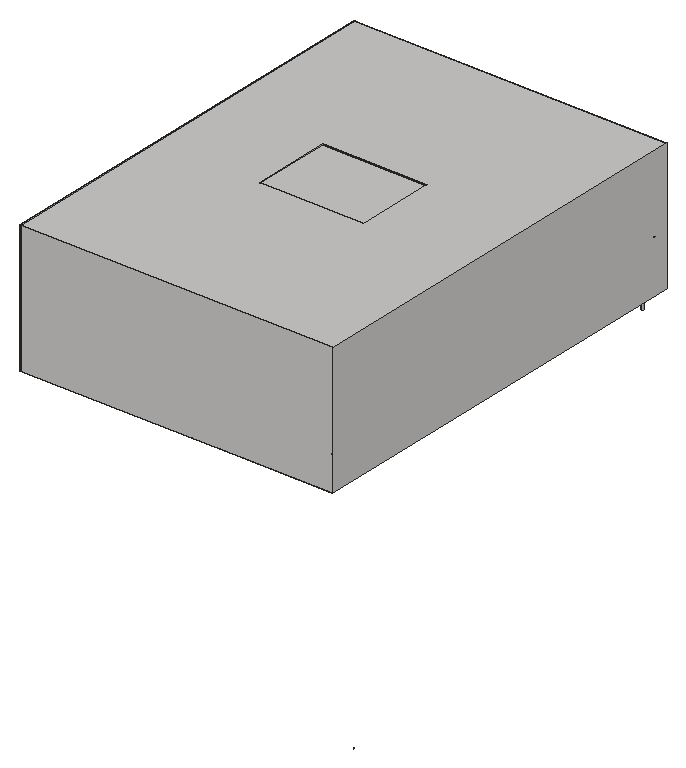
Revit family "QF_ELECTROLUXPROFESSIONAL_640278_VAP1612", category Attrezzature speciali, Revit 2021
Family settings
  Quota connettore circolare = Usa diametro
  Tipo di parte = Normale
  Basato su piano di lavoro = No
  Sempre verticale = Sì
  Taglio con vuoti quando caricato = No
  Condiviso = No
  Punto di calcolo locali = No
Parameters (values of type "Standard")
  Weight = 60.00 kg
  Watts = 0 W
  Volts = 0 V
  URL Manufacturer = "https://www.electroluxprofessional.com/"
  URL = "https://www.electroluxprofessional.com/"
  Steam Supply Size = 0 mm
  Steam Supply Minimum Pressure = 0.0 Pa
  Steam Supply Maximum Pressure = 0.0 Pa
  Steam Consumption per Hour = 0
  Refrigeration Suction Line Size = 0 mm
  Refrigeration Liquid Line Size = 0 mm
  Refrigerant Compressor Remote = yes
  Prospetto di default = 0 mm
  Produttore = "Electrolux Professional"
  Phase = 0
  Modello = "VAP1612"
  Length Actual = 1200 mm  # constant formula
  Item Number = "640278"
  Hot Water Size = 0 mm
  Height Actual = 500 mm  # constant formula
  HP = "0 HP"
  Gas Size = 0 mm
  Gas KW = 0
  Gas Input Pressure = 0 W
  Direct Waste Size = 0 mm
  Descrizione = "304 S/S WALL HOOD+DOUBLE FILTERS 120X160 CM"
  Depth Actual = 1600 mm  # constant formula
  Cycle = 0 Hz
  Condensate Return Size = 0 mm
  Compressed Air Volume = 0.0 L/s
  Compressed Air Size = 0 mm
  Compressed Air Pressure = 0.0 Pa
  Cold Water Size = 0 mm
  Accessory = yes
Reference planes
  plane 1: z = 0
  plane 2 "Center (Left/Right)": x = 150
  plane 3 "LEFT": x = -450
  plane 4 "RIGHT": x = 750
  plane 5 "BACK": y = 550
  plane 6 "TOP": z = 2500
  plane 7 "Base": z = 2000
  plane 8: z = 1970
  plane 9 "DrainY": y = 450
  plane 10: x = -447
  plane 11 "DrainX": x = 737
  plane 12 "AOLeft2": x = 350
  plane 13: x = 747
  plane 14: x = -250
  plane 15: x = 550
  plane 16: x = 50
  plane 17: x = 250
  plane 18 "Center (Front/Back)": y = -250
  plane 19 "Front": y = -1050
  plane 20 "AOLeft1": x = -50
  plane 21: through (0, 550, 2133.855) normal (0, 0.5299, 0.848)
  plane 22: through (0, -1050, 2133.855) normal (0, 0.5299, -0.848)
  plane 23: y = -100
  plane 24: y = -400
Forms (mm)
  Extrusion 1, solid, material "QF_Finishes_Stainless Steel"
    sketch origin (-450, 0, 360) x (0, 1, 0) y (0, 0, 1)
      loop
        line (550, 1640) -> (550, 2140) -> (-1050, 2140) -> (-1050, 1640) -> (550, 1640)
    from 0 to 3
  Extrusion 2, solid, material "QF_Finishes_Stainless Steel"
    sketch origin (750, 0, 360) x (0, 1, 0) y (0, 0, 1)
      loop
        line (550, 1640) -> (550, 2140) -> (-1050, 2140) -> (-1050, 1640) -> (550, 1640)
    from 0 to -3
  Extrusion 3, solid, material "QF_Finishes_Stainless Steel"
    sketch origin (150, 0, 360) x (0, 1, 0) y (0, 0, 1)
      loop
        line (-1050, 2140) -> (-1050, 1640) -> (-1040, 1640) -> (-1040, 1640.8) -> (-1049.2, 1640.8) -> (-1049.2, 2139.19) -> (549.2, 2139.19) -> (549.2, 1640.8) -> (540, 1640.8) -> (540, 1640) -> (550, 1640) -> (550, 2140) -> (-1050, 2140)
    from -600 to 600
  Extrusion 4, solid, material "QF_Finishes_Stainless Steel"
    sketch origin (0, 0, 2000) x (0, 1, 0) y (-1, 0, 0)
      loop
        circle (450, -737) r 4.763
    from -30 to 0
  Extrusion 5, void
    sketch origin (0, 400, 2500) x (0, 1, 0) y (-1, 0, 0)
      loop
        line (-500, -350) -> (-500, 50) -> (-800, 50) -> (-800, -350) -> (-500, -350)
    from 0 to -10
  Extrusion 6, solid, material "QF_Finishes_Stainless Steel"
    sketch origin (0, 0, 0) x (1, 0, 0) y (0, 1, 0)
      loop
        line (-450, 550) -> (-450, 549) -> (-449, 549) -> (-449, 550) -> (-450, 550)
    from 0 to 1
  Extrusion 7, solid, material "QF_Finishes_Stainless Steel"
    sketch origin (150, 0, 360) x (0, 1, 0) y (0, 0, 1)
      loop
        line (503.5, 1837.574) -> (207.375, 2022.621) -> (192.198, 1998.364) -> (488.366, 1813.348) -> (503.5, 1837.574)
      loop
        line (-1003.5, 1837.574) -> (-988.366, 1813.348) -> (-692.198, 1998.364) -> (-707.375, 2022.621) -> (-1003.5, 1837.574)
    from -400 to -597
  Extrusion 8, solid, material "QF_Finishes_Stainless Steel"
    sketch origin (150, 0, 360) x (0, 1, 0) y (0, 0, 1)
      loop
        line (549.2, 1775.312) -> (472.742, 1823.075) -> (472.313, 1822.387) -> (549.2, 1774.355) -> (549.2, 1775.312)
      loop
        line (202.48, 1991.938) -> (126.212, 2039.602) -> (-626.212, 2039.602) -> (-702.48, 1991.938) -> (-702.062, 1991.27) -> (-626, 2038.801) -> (126, 2038.801) -> (202.063, 1991.27) -> (202.48, 1991.938)
      loop
        line (-1049.2, 1775.312) -> (-1049.2, 1774.355) -> (-972.312, 1822.387) -> (-972.742, 1823.075) -> (-1049.2, 1775.312)
    from -597 to 597
  Extrusion 9, solid, material "QF_Finishes_Stainless Steel"
    sketch origin (150, 0, 360) x (0, 1, 0) y (0, 0, 1)
      loop
        line (-707.375, 2022.621) -> (-1003.5, 1837.574) -> (-988.366, 1813.348) -> (-692.198, 1998.364) -> (-707.375, 2022.621)
      loop
        line (503.5, 1837.574) -> (207.375, 2022.621) -> (192.198, 1998.364) -> (488.366, 1813.348) -> (503.5, 1837.574)
    from 597 to 400
  Extrusion 10, solid, material "QF_Finishes_Stainless Steel"
    sketch origin (150, 0, 360) x (0, 1, 0) y (0, 0, 1)
      loop
        line (-707.375, 2022.621) -> (-1003.5, 1837.574) -> (-988.366, 1813.348) -> (-692.198, 1998.364) -> (-707.375, 2022.621)
      loop
        line (503.5, 1837.574) -> (207.375, 2022.621) -> (192.198, 1998.364) -> (488.366, 1813.348) -> (503.5, 1837.574)
    from -100 to 100
  Extrusion 11, solid, material "QF_Finished_Chrome"
    sketch origin (150, 0, 360) x (0, 1, 0) y (0, 0, 1)
      loop
        line (503.5, 1837.574) -> (207.375, 2022.621) -> (192.198, 1998.364) -> (488.366, 1813.348) -> (503.5, 1837.574)
      loop
        line (-707.375, 2022.621) -> (-1003.5, 1837.574) -> (-988.366, 1813.348) -> (-692.198, 1998.364) -> (-707.375, 2022.621)
    from -400 to -100
  Extrusion 12, solid, material "QF_Finished_Chrome"
    sketch origin (150, 0, 360) x (0, 1, 0) y (0, 0, 1)
      loop
        line (-707.375, 2022.621) -> (-1003.5, 1837.574) -> (-988.366, 1813.348) -> (-692.198, 1998.364) -> (-707.375, 2022.621)
      loop
        line (503.5, 1837.574) -> (207.375, 2022.621) -> (192.198, 1998.364) -> (488.366, 1813.348) -> (503.5, 1837.574)
    from 100 to 400
  Sweep 13, solid, material "QF_Finishes_Stainless Steel"
    path origin (0, 0, 0) x (1, 0, 0) y (0, 1, 0)
      loop
        line (750, 550) -> (-450, 550) -> (-450, -1050) -> (750, -1050) -> (750, 550)
    profile origin (750, -250, 0) x (1, 0, 0) y (0, 0, 1)
      loop
        line (-3, 2000) -> (-3, 2000.8) -> (-19, 2000.8) -> (-19, 2010) -> (-20, 2010) -> (-20, 2000) -> (-3, 2000)
Cuts and joins
  Extrusion 5 cuts Extrusion 3
  joined: Extrusion 2, Extrusion 3, Sweep 13
Lines and regions (mm)
  symbolic lines, style "SpecialityEquipment", detail levels coarse
    curve 1: line (750, 550, 2500) -> (-450, 550, 2500)
    curve 2: line (-450, 550, 2500) -> (-450, -1050.8, 2500)
    curve 3: line (750, -1050.8, 2500) -> (750, 550, 2500)
    curve 4: line (-450, 550, 0) -> (750, -1050, 0)
    curve 5: line (750, 550, 0) -> (-450, -1050, 0)
  symbolic lines, detail levels coarse
    curve 6: line (-450, -1050, 0) -> (750, -1050, 0)
    curve 7: line (-50, -100, 0) -> (350, -100, 0)
    curve 8: line (-50, -400, 0) -> (-50, -100, 0)
    curve 9: line (350, -400, 0) -> (-50, -400, 0)
    curve 10: line (350, -100, 0) -> (350, -400, 0)
Dimensions and locks
  plane 3 "LEFT" to plane 4 "RIGHT" = 1200 mm
  equal spacing: plane 3 "LEFT", plane 2 "Center (Left/Right)", plane 4 "RIGHT"
  plane 7 "Base" to plane 8 = 30 mm
  plane 5 "BACK" to plane 9 "DrainY" = 100 mm  (x2)
  plane 3 "LEFT" to plane 10 = 3 mm
  plane 11 "DrainX" to plane 4 "RIGHT" = 13 mm
  plane 13 to plane 4 "RIGHT" = 3 mm
  plane 3 "LEFT" to plane 14 = 200 mm
  plane 15 to plane 4 "RIGHT" = 200 mm
  locked: plane 7 "Base" to level at 2000
  locked: plane 6 "TOP" to plane 7 "Base" at 500
  locked: plane 16 to plane 17 at 200
  equal spacing: plane 16, plane 2 "Center (Left/Right)", plane 17
  plane 5 "BACK" to plane 19 "Front" = 1600 mm  (x2)
  equal spacing: plane 5 "BACK", plane 18 "Center (Front/Back)", plane 19 "Front"
  locked: plane 23 to plane 24 at 300
  equal spacing: plane 23, plane 18 "Center (Front/Back)", plane 24
  locked: plane 20 "AOLeft1" to plane 12 "AOLeft2" at 400
  equal spacing: plane 20 "AOLeft1", plane 2 "Center (Left/Right)", plane 12 "AOLeft2"
  aligned and locked: level to plane 1
  aligned and locked: plane 4 "RIGHT" to Extrusion 3
  aligned and locked: Extrusion 3 to plane 3 "LEFT"
  aligned and locked: Extrusion 7 to plane 10
  aligned and locked: Extrusion 7 to plane 14
  aligned and locked: Extrusion 2 to plane 13
  aligned and locked: plane 13 to Extrusion 9
  aligned and locked: plane 15 to Extrusion 9
  aligned and locked: Extrusion 10 to plane 17
  aligned and locked: Extrusion 10 to plane 16
  aligned and locked: Extrusion 11 to plane 16
  aligned and locked: Extrusion 11 to plane 14
  aligned and locked: Extrusion 12 to plane 17
  aligned and locked: Extrusion 12 to plane 15
  aligned and locked: Extrusion 8 to plane 10
  aligned and locked: Extrusion 8 to plane 13
  aligned and locked: Extrusion 1 to plane 19 "Front"
  aligned and locked: Extrusion 5 to plane 20 "AOLeft1"
  aligned and locked: Extrusion 5 to plane 12 "AOLeft2"
  aligned and locked: plane 23 to Extrusion 5 sketch curve
  aligned and locked: Extrusion 5 sketch curve to plane 24
Automatic sketch dimensions
  curve 2 to plane 3 "LEFT" = 0 mm
  curve 3 to plane 4 "RIGHT" = 0 mm
  curve 2 to plane 5 "BACK" = 0 mm
  curve 3 to plane 19 "Front" = 0.8 mm
  curve 2 to plane 19 "Front" = 0.8 mm
  Extrusion 1 sketch curve to plane 7 "Base" = 0 mm
  Extrusion 1 sketch curve to plane 19 "Front" = 0 mm
  Extrusion 1 sketch curve to plane 5 "BACK" = 0 mm
  Extrusion 1 sketch curve to plane 6 "TOP" = 0 mm
  Extrusion 2 sketch curve to plane 7 "Base" = 0 mm
  Extrusion 2 sketch curve to plane 19 "Front" = 0 mm
  Extrusion 2 sketch curve to plane 5 "BACK" = 0 mm
  Extrusion 2 sketch curve to plane 6 "TOP" = 0 mm
  Extrusion 3 sketch curve to plane 6 "TOP" = 0 mm
  Extrusion 3 sketch curve to plane 19 "Front" = 0 mm
  Extrusion 3 sketch curve to plane 7 "Base" = 0 mm  (x2)
  Extrusion 3 sketch curve to plane 5 "BACK" = 0 mm
  plane 19 "Front" to Extrusion 3 sketch curve = 0.8 mm
  Extrusion 3 sketch curve to Extrusion 3 sketch curve = 9.2 mm
  plane 7 "Base" to Extrusion 3 sketch curve = 0.8 mm  (x2)
  Extrusion 3 sketch curve to plane 5 "BACK" = 10 mm
  Extrusion 3 sketch curve to plane 5 "BACK" = 0.8 mm
  Extrusion 3 sketch curve to plane 6 "TOP" = 0.81 mm
  Extrusion 4 sketch curve to plane 9 "DrainY" = 0 mm
  Extrusion 4 sketch curve to plane 11 "DrainX" = 0 mm
  Extrusion 5 sketch curve to plane 12 "AOLeft2" = 0 mm
  Extrusion 5 sketch curve to plane 20 "AOLeft1" = 0 mm
  Extrusion 6 sketch curve to plane 3 "LEFT" = 0 mm
  Extrusion 6 sketch curve to plane 5 "BACK" = 0 mm
  plane 3 "LEFT" to Extrusion 6 sketch curve = 1 mm
  Extrusion 6 sketch curve to Extrusion 6 sketch curve = 1 mm
  Sweep 13 sketch curve to plane 3 "LEFT" = 0 mm
  Sweep 13 sketch curve to plane 4 "RIGHT" = 0 mm
  Sweep 13 sketch curve to plane 19 "Front" = 0 mm
  Sweep 13 sketch curve to plane 5 "BACK" = 0 mm
  profile plane to Sweep 13 sketch curve = 20 mm
  Sweep 13 sketch curve to Sweep 13 sketch curve = 1 mm
  profile plane to Sweep 13 sketch curve = 3 mm
  level to Sweep 13 sketch curve = 2000 mm
  Sweep 13 sketch curve to Sweep 13 sketch curve = 0.8 mm
  Sweep 13 sketch curve to Sweep 13 sketch curve = 9.2 mm
  plane 19 "Front" to Extrusion 8 sketch curve = 0.8 mm
  Extrusion 8 sketch curve to Extrusion 8 sketch curve = 0.43 mm  (x2)
  Extrusion 8 sketch curve to Extrusion 8 sketch curve = 0.418 mm  (x2)
  Extrusion 8 sketch curve to plane 9 "DrainY" = 324 mm
  Extrusion 8 sketch curve to plane 6 "TOP" = 100.398 mm
  Extrusion 8 sketch curve to Extrusion 8 sketch curve = 0.212 mm  (x2)
  Extrusion 8 sketch curve to Extrusion 8 sketch curve = 76.063 mm
  Extrusion 8 sketch curve to plane 6 "TOP" = 148.062 mm
  plane 9 "DrainY" to Extrusion 8 sketch curve = 22.313 mm
  Extrusion 8 sketch curve to plane 5 "BACK" = 0.8 mm
  plane 7 "Base" to Extrusion 8 sketch curve = 134.355 mm  (x2)
  Extrusion 8 sketch curve to Extrusion 8 sketch curve = 0.957 mm  (x2)
  Extrusion 8 sketch curve to Extrusion 8 sketch curve = 0.669 mm
  Extrusion 8 sketch curve to Extrusion 8 sketch curve = 76.268 mm
  Extrusion 8 sketch curve to Extrusion 8 sketch curve = 0.801 mm
  Extrusion 7 sketch curve to plane 9 "DrainY" = 257.802 mm
  Extrusion 7 sketch curve to plane 6 "TOP" = 117.379 mm
  Extrusion 7 sketch curve to Extrusion 7 sketch curve = 15.177 mm  (x2)
  plane 9 "DrainY" to Extrusion 7 sketch curve = 38.366 mm
  Extrusion 7 sketch curve to Extrusion 7 sketch curve = 15.134 mm
  plane 7 "Base" to Extrusion 7 sketch curve = 173.348 mm  (x2)
  Extrusion 7 sketch curve to Extrusion 7 sketch curve = 24.226 mm  (x2)
  Extrusion 7 sketch curve to Extrusion 7 sketch curve = 24.257 mm
  Extrusion 11 sketch curve to plane 5 "BACK" = 46.5 mm
  plane 7 "Base" to Extrusion 11 sketch curve = 197.574 mm
  Extrusion 11 sketch curve to Extrusion 11 sketch curve = 15.134 mm  (x2)
  Extrusion 11 sketch curve to plane 6 "TOP" = 117.379 mm
  Extrusion 11 sketch curve to Extrusion 11 sketch curve = 24.226 mm  (x2)
  Extrusion 11 sketch curve to Extrusion 11 sketch curve = 15.177 mm  (x2)
  Extrusion 11 sketch curve to Extrusion 11 sketch curve = 24.257 mm  (x2)
  Extrusion 11 sketch curve to plane 6 "TOP" = 141.636 mm
  Extrusion 10 sketch curve to plane 6 "TOP" = 117.379 mm  (x2)
  Extrusion 10 sketch curve to Extrusion 10 sketch curve = 24.257 mm  (x2)
  Extrusion 10 sketch curve to Extrusion 10 sketch curve = 24.226 mm  (x2)
  Extrusion 10 sketch curve to Extrusion 10 sketch curve = 15.177 mm  (x2)
  plane 9 "DrainY" to Extrusion 10 sketch curve = 38.366 mm
  Extrusion 10 sketch curve to Extrusion 10 sketch curve = 15.134 mm  (x2)
  plane 7 "Base" to Extrusion 10 sketch curve = 173.348 mm
  Extrusion 12 sketch curve to plane 6 "TOP" = 117.379 mm
  Extrusion 12 sketch curve to Extrusion 12 sketch curve = 15.177 mm  (x2)
  Extrusion 12 sketch curve to Extrusion 12 sketch curve = 24.257 mm  (x2)
  Extrusion 12 sketch curve to plane 6 "TOP" = 141.636 mm
  plane 7 "Base" to Extrusion 12 sketch curve = 197.574 mm  (x2)
  Extrusion 12 sketch curve to plane 9 "DrainY" = 257.802 mm
  plane 9 "DrainY" to Extrusion 12 sketch curve = 38.366 mm
  Extrusion 12 sketch curve to Extrusion 12 sketch curve = 15.134 mm  (x2)
  Extrusion 9 sketch curve to plane 6 "TOP" = 117.379 mm  (x2)
  Extrusion 9 sketch curve to Extrusion 9 sketch curve = 24.257 mm  (x2)
  Extrusion 9 sketch curve to Extrusion 9 sketch curve = 24.226 mm  (x2)
  Extrusion 9 sketch curve to plane 5 "BACK" = 46.5 mm
  plane 7 "Base" to Extrusion 9 sketch curve = 197.574 mm
  Extrusion 9 sketch curve to Extrusion 9 sketch curve = 15.134 mm  (x2)
  Extrusion 9 sketch curve to Extrusion 9 sketch curve = 15.177 mm  (x2)
  Extrusion 7 sketch curve to plane 6 "TOP" = 141.636 mm
  plane 19 "Front" to Extrusion 7 sketch curve = 357.802 mm
  plane 19 "Front" to Extrusion 7 sketch curve = 61.634 mm
  plane 19 "Front" to Extrusion 8 sketch curve = 77.258 mm
  Extrusion 8 sketch curve to Extrusion 8 sketch curve = 270.262 mm
  plane 19 "Front" to Extrusion 9 sketch curve = 357.802 mm
  plane 19 "Front" to Extrusion 9 sketch curve = 61.634 mm
  plane 19 "Front" to Extrusion 10 sketch curve = 357.802 mm
  plane 19 "Front" to Extrusion 10 sketch curve = 61.634 mm
  plane 19 "Front" to Extrusion 11 sketch curve = 357.802 mm
  plane 19 "Front" to Extrusion 11 sketch curve = 61.634 mm
  plane 19 "Front" to Extrusion 12 sketch curve = 357.802 mm
  plane 19 "Front" to Extrusion 12 sketch curve = 61.634 mm
  curve 6 to plane 3 "LEFT" = 0 mm
  curve 4 to plane 3 "LEFT" = 0 mm
  curve 9 to plane 20 "AOLeft1" = 0 mm
  curve 10 to plane 12 "AOLeft2" = 0 mm
  curve 4 to plane 4 "RIGHT" = 0 mm
  curve 5 to plane 4 "RIGHT" = 0 mm
  curve 4 to plane 19 "Front" = 0 mm
  curve 9 to plane 24 = 0 mm
  curve 8 to plane 23 = 0 mm
  curve 4 to plane 5 "BACK" = 0 mm
  curve 5 to plane 5 "BACK" = 0 mm
  radius of Extrusion 4 sketch curve = 4.763 mm
Connectors
  piping at (737, 450, 1970), diameter 9.5
    settings: on Extrusion 4, index 1, connector inside diameter 609.6 mm, connector length 0 mm, flow factor 0, pipe flow 0.0 L/s, pressure drop 0.0 Pa, fitting loss kfactor 0, connector angle 0.00°, fixture units 0, engagement length 0 mm, angle of deflection 0.00°, flow configuration 1, flow direction 2, fitting loss method 0, system type 16, joint type 0, gender type 0, connector reference index -1, connector utility 0, adjustable connector no, is connector primary yes, connector description "Drain"
  hvac at (150, -250, 2500)
    settings: on Extrusion 5, index 2, duct flow 0.0 L/s, flow factor 0, pres drop 0.0 Pa, loss coef 0, conn angle 0.00°, conn width 300 mm, conn height 400 mm, conn diameter 609.6 mm, duct sys type 3, conn prof type 1, flow config 1, flow direction 2, loss method 0, conn ref index -1, conn util no, is conn primary yes, conn desc "EXHAUST OUTLET"
